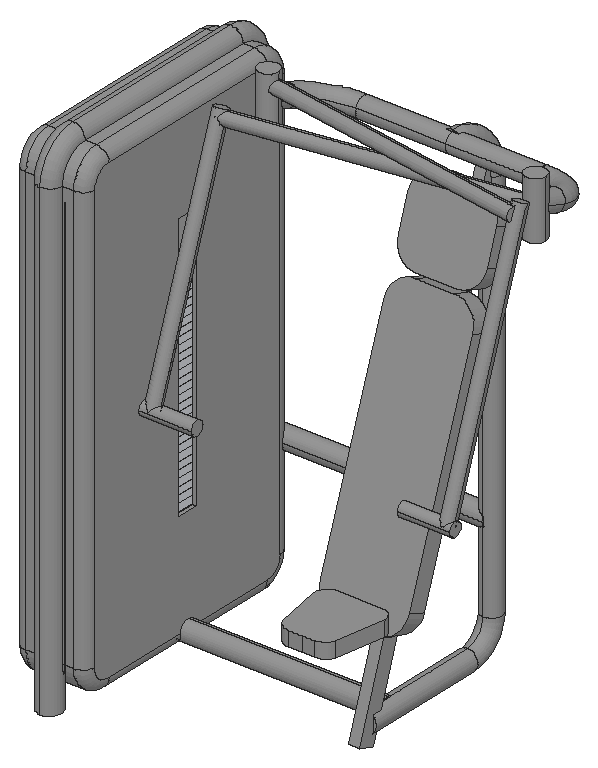
Revit family "Тренажер Жим от груди сидя", category Оборудование, Revit 2017
Family settings
  Размер круглого соединителя = Использовать диаметр
  Тип детали = Нормальный
  На основе рабочей плоскости = Нет
  Всегда вертикально = Да
  При загрузке вырезать с полостями = Нет
  Общий = Нет
  Точка расчета площади = Нет
Parameters (values of type "1390х830х1620")
  Ширина = 1390.0 mm
  Примечание = ""
  Позиция = ""
  Обозначение = ""
  Наименование = "Тренажер для жима от груди сидя"
  Масса = "90"
  Код оборудования = "MB20"
  Keynote = ""
  Изготовитель = "Severin"
  Единицы = "шт."
  Группа модели = "ТХ"
  Глубина = 830.0 mm
  Высота = 1620.0 mm
  Завод = "Technogym"
Reference planes
  plane 1 "По центру (Вперед/Назад)": y = 0
  plane 2: z = 0
  plane 3 "По центру (Влево/Вправо)": x = 0
  plane 4: x = -695
  plane 5: x = 695
  plane 6: y = 415
  plane 7: y = -415
  plane 8: z = 1620
  plane 9: z = 810
  plane 10: x = -485
  plane 11: x = 105
Forms (mm)
  Extrusion 1, solid, material "GKS_Mep_Сталь_3262-75", not visible, detail levels medium+fine
    sketch origin (0, -37.121, -3.986) x (1, 0, 0) y (0, 1, 0)
      loop
        arc (-186.879, 80) -> (-219.551, 66.467) -> (-233.085, 33.794) r 46.206
        line (-233.085, 33.794) -> (-261.846, -294.95)
        arc (-261.846, -294.95) -> (-236.616, -355.862) -> (-175.704, -381.092) r 86.142
        line (-175.704, -381.092) -> (55.911, -381.092)
        arc (55.911, -381.092) -> (116.822, -355.862) -> (142.053, -294.95) r 86.142
        line (142.053, -294.95) -> (113.291, 33.794)
        arc (113.291, 33.794) -> (99.758, 66.467) -> (67.085, 80) r 46.206
        line (67.085, 80) -> (-186.879, 80)
    from 1068.521 to 1150.406
  Sweep 2, solid, material "GKS_Mep_Сталь_3262-75", not visible, detail levels medium+fine
    path in 3D
      loop
        arc (-186.879, 42.879, 1146.419) -> (-219.551, 29.346, 1146.419) -> (-233.085, -3.327, 1146.419) r 46.206
        line (-233.085, -3.327, 1146.419) -> (-261.846, -332.071, 1146.419)
        arc (-261.846, -332.071, 1146.419) -> (-236.616, -392.983, 1146.419) -> (-175.704, -418.213, 1146.419) r 86.142
        line (-175.704, -418.213, 1146.419) -> (55.911, -418.213, 1146.419)
        arc (55.911, -418.213, 1146.419) -> (116.822, -392.983, 1146.419) -> (142.053, -332.071, 1146.419) r 86.142
        line (142.053, -332.071, 1146.419) -> (113.291, -3.327, 1146.419)
        arc (113.291, -3.327, 1146.419) -> (99.758, 29.346, 1146.419) -> (67.085, 42.879, 1146.419) r 46.206
        line (67.085, 42.879, 1146.419) -> (-186.879, 42.879, 1146.419)
    profile origin (-59.897, 42.879, 1146.419) x (0, -1, 0) y (0, 0, 1)
      loop
        line (0, 0) -> (14.142, 0) -> (14.142, 14.142)
        arc (14.142, 14.142) -> (4.142, 10) -> (0, 0) r 14.142
      loop
        arc (0, -81.885) -> (4.142, -91.885) -> (14.142, -96.027) r 14.142
        line (14.142, -96.027) -> (14.142, -81.885) -> (0, -81.885)
  Extrusion 3, solid, material "GKS_Mep_Сталь_3262-75", not visible, detail levels medium+fine
    sketch origin (0, -37.121, -3.986) x (1, 0, 0) y (0, 1, 0)
      loop
        arc (-186.879, 65.858) -> (-209.749, 56.267) -> (-218.938, 33.233) r 32.064
        line (-218.938, 33.233) -> (-247.702, -295.54)
        arc (-247.702, -295.54) -> (-226.407, -346.07) -> (-175.704, -366.95) r 72
        line (-175.704, -366.95) -> (55.911, -366.95)
        arc (55.911, -366.95) -> (106.613, -346.07) -> (127.908, -295.54) r 72
        line (127.908, -295.54) -> (99.144, 33.233)
        arc (99.144, 33.233) -> (89.955, 56.267) -> (67.085, 65.858) r 32.064
        line (67.085, 65.858) -> (-186.879, 65.858)
    from 1164.548 to 1054.379
  Extrusion 4, solid, material "GKS_Mep_Сталь_3262-75", not visible, detail levels medium+fine
    sketch origin (0, 179.497, -7.666) x (1, 0, 0) y (0, 0, 1)
      loop
        circle (-59.897, 1109.463) r 25
    from -59.254 to 161.555
  Sweep 5, solid, material "GKS_Mep_Сталь_3262-75", not visible, detail levels medium+fine
    path origin (0, -44.316, -147.613) x (1, 0, 0) y (0, 1, 0)
      loop
        line (-59.897, 251.372) -> (70.103, 251.372)
        arc (70.103, 251.372) -> (119.601, 271.874) -> (140.103, 321.372) r 70
        line (140.103, 321.372) -> (140.103, 695)
        arc (140.103, 695) -> (119.601, 744.497) -> (70.103, 765) r 70
        line (70.103, 765) -> (-189.897, 765)
        arc (-189.897, 765) -> (-239.394, 744.497) -> (-259.897, 695) r 70
        line (-259.897, 695) -> (-259.897, 321.372)
        arc (-259.897, 321.372) -> (-239.394, 271.874) -> (-189.897, 251.372) r 70
        line (-189.897, 251.372) -> (-59.897, 251.372)
    profile origin (-124.897, 207.055, -147.613) x (0, -1, 0) y (0, 0, 1)
      loop
        circle (-32.167, 1249.262) r 25
  Sweep 6, solid, material "GKS_Mep_Сталь_3262-75", detail levels coarse+fine
    path origin (-1197.5, 59.766, 0) x (0, 1, 0) y (0, 0, 1)
      loop
        line (-434.619, 0) -> (-434.619, 1387.105)
        arc (-434.619, 1387.105) -> (-409.766, 1447.105) -> (-349.766, 1471.958) r 84.853
        line (-349.766, 1471.958) -> (230.234, 1471.958)
        arc (230.234, 1471.958) -> (290.234, 1447.105) -> (315.087, 1387.105) r 84.853
        line (315.087, 1387.105) -> (315.087, 0)
    profile origin (-1197.5, -374.853, 693.553) x (0, -1, 0) y (1, 0, 0)
      loop
        circle (0, 607.5) r 35
  Sweep 7, solid, material "GKS_Mep_Сталь_3262-75", detail levels coarse+fine
    path origin (-1197.5, 59.766, 0) x (0, 1, 0) y (0, 0, 1)
      loop
        arc (-434.619, 130) -> (-409.766, 70) -> (-349.766, 45.147) r 84.853
        line (-349.766, 45.147) -> (230.234, 45.147)
        arc (230.234, 45.147) -> (290.234, 70) -> (315.087, 130) r 84.853
        line (315.087, 130) -> (315.087, 1387.105)
        arc (315.087, 1387.105) -> (290.234, 1447.105) -> (230.234, 1471.958) r 84.853
        line (230.234, 1471.958) -> (-349.766, 1471.958)
        arc (-349.766, 1471.958) -> (-409.766, 1447.105) -> (-434.619, 1387.105) r 84.853
        line (-434.619, 1387.105) -> (-434.619, 130)
    profile origin (-1197.5, -374.853, 758.553) x (0, -1, 0) y (1, 0, 0)
      loop
        line (0, 607.5) -> (0, 677.5)
        arc (0, 677.5) -> (-10.251, 702.249) -> (-35, 712.5) r 35
        line (-35, 712.5) -> (-35, 607.5) -> (-35, 502.5)
        arc (-35, 502.5) -> (-10.251, 512.751) -> (0, 537.5) r 35
        line (0, 537.5) -> (0, 607.5)
  Extrusion 8, solid, material "GKS_Mep_Сталь_3262-75", detail levels coarse+fine
    sketch origin (-1197.5, 59.766, 0) x (0, 1, 0) y (0, 0, 1)
      loop
        line (230.234, 1436.958) -> (-349.766, 1436.958)
        arc (-349.766, 1436.958) -> (-385.017, 1422.356) -> (-399.619, 1387.105) r 49.853
        line (-399.619, 1387.105) -> (-399.619, 130)
        arc (-399.619, 130) -> (-385.017, 94.749) -> (-349.766, 80.147) r 49.853
        line (-349.766, 80.147) -> (230.234, 80.147)
        arc (230.234, 80.147) -> (265.485, 94.749) -> (280.087, 130) r 49.853
        line (280.087, 130) -> (280.087, 1387.105)
        arc (280.087, 1387.105) -> (265.485, 1422.356) -> (230.234, 1436.958) r 49.853
      loop
        line (-24.766, 1176.958) -> (-94.766, 1176.958) -> (-94.766, 390.147) -> (-24.766, 390.147) -> (-24.766, 1176.958)
    from 712.5 to 502.5
  Extrusion 9, solid, detail levels fine
    sketch origin (-1196.861, 59.766, 0) x (1, 0, 0) y (0, 1, 0)
      loop
        line (697.015, 165.234) -> (516.707, 165.234) -> (516.707, -284.766) -> (697.015, -284.766) -> (697.015, 165.234)
    from 194.957 to 215
  Extrusion 10, solid, detail levels fine
    sketch origin (-1196.861, 59.766, 21.875) x (1, 0, 0) y (0, 1, 0)
      loop
        line (697.015, 165.234) -> (516.707, 165.234) -> (516.707, -284.766) -> (697.015, -284.766) -> (697.015, 165.234)
    from 194.957 to 215
  Extrusion 11, solid, detail levels fine
    sketch origin (-1196.861, 59.766, 43.75) x (1, 0, 0) y (0, 1, 0)
      loop
        line (697.015, 165.234) -> (516.707, 165.234) -> (516.707, -284.766) -> (697.015, -284.766) -> (697.015, 165.234)
    from 194.957 to 215
  Extrusion 12, solid, detail levels fine
    sketch origin (-1196.861, 59.766, 65.625) x (1, 0, 0) y (0, 1, 0)
      loop
        line (697.015, 165.234) -> (516.707, 165.234) -> (516.707, -284.766) -> (697.015, -284.766) -> (697.015, 165.234)
    from 194.957 to 215
  Extrusion 13, solid, detail levels fine
    sketch origin (-1196.861, 59.766, 87.5) x (1, 0, 0) y (0, 1, 0)
      loop
        line (697.015, 165.234) -> (516.707, 165.234) -> (516.707, -284.766) -> (697.015, -284.766) -> (697.015, 165.234)
    from 194.957 to 215
  Extrusion 14, solid, detail levels fine
    sketch origin (-1196.861, 59.766, 109.375) x (1, 0, 0) y (0, 1, 0)
      loop
        line (697.015, 165.234) -> (516.707, 165.234) -> (516.707, -284.766) -> (697.015, -284.766) -> (697.015, 165.234)
    from 194.957 to 215
  Extrusion 15, solid, detail levels fine
    sketch origin (-1196.861, 59.766, 131.25) x (1, 0, 0) y (0, 1, 0)
      loop
        line (697.015, 165.234) -> (516.707, 165.234) -> (516.707, -284.766) -> (697.015, -284.766) -> (697.015, 165.234)
    from 194.957 to 215
  Extrusion 16, solid, detail levels fine
    sketch origin (-1196.861, 59.766, 153.125) x (1, 0, 0) y (0, 1, 0)
      loop
        line (697.015, 165.234) -> (516.707, 165.234) -> (516.707, -284.766) -> (697.015, -284.766) -> (697.015, 165.234)
    from 194.957 to 215
  Extrusion 17, solid, detail levels fine
    sketch origin (-1196.861, 59.766, 175) x (1, 0, 0) y (0, 1, 0)
      loop
        line (697.015, 165.234) -> (516.707, 165.234) -> (516.707, -284.766) -> (697.015, -284.766) -> (697.015, 165.234)
    from 194.957 to 215
  Extrusion 18, solid, detail levels fine
    sketch origin (-1196.861, 59.766, 196.875) x (1, 0, 0) y (0, 1, 0)
      loop
        line (697.015, 165.234) -> (516.707, 165.234) -> (516.707, -284.766) -> (697.015, -284.766) -> (697.015, 165.234)
    from 194.957 to 215
  Extrusion 19, solid, detail levels fine
    sketch origin (-1196.861, 59.766, 218.75) x (1, 0, 0) y (0, 1, 0)
      loop
        line (697.015, 165.234) -> (516.707, 165.234) -> (516.707, -284.766) -> (697.015, -284.766) -> (697.015, 165.234)
    from 194.957 to 215
  Extrusion 20, solid, detail levels fine
    sketch origin (-1196.861, 59.766, 240.625) x (1, 0, 0) y (0, 1, 0)
      loop
        line (697.015, 165.234) -> (516.707, 165.234) -> (516.707, -284.766) -> (697.015, -284.766) -> (697.015, 165.234)
    from 194.957 to 215
  Extrusion 21, solid, detail levels fine
    sketch origin (-1196.861, 59.766, 262.5) x (1, 0, 0) y (0, 1, 0)
      loop
        line (697.015, 165.234) -> (516.707, 165.234) -> (516.707, -284.766) -> (697.015, -284.766) -> (697.015, 165.234)
    from 194.957 to 215
  Extrusion 22, solid, detail levels fine
    sketch origin (-1196.861, 59.766, 284.375) x (1, 0, 0) y (0, 1, 0)
      loop
        line (697.015, 165.234) -> (516.707, 165.234) -> (516.707, -284.766) -> (697.015, -284.766) -> (697.015, 165.234)
    from 194.957 to 215
  Extrusion 23, solid, detail levels fine
    sketch origin (-1196.861, 59.766, 306.25) x (1, 0, 0) y (0, 1, 0)
      loop
        line (697.015, 165.234) -> (516.707, 165.234) -> (516.707, -284.766) -> (697.015, -284.766) -> (697.015, 165.234)
    from 194.957 to 215
  Extrusion 24, solid, detail levels fine
    sketch origin (-1196.861, 59.766, 328.125) x (1, 0, 0) y (0, 1, 0)
      loop
        line (697.015, 165.234) -> (516.707, 165.234) -> (516.707, -284.766) -> (697.015, -284.766) -> (697.015, 165.234)
    from 194.957 to 215
  Extrusion 25, solid, detail levels fine
    sketch origin (-1196.861, 59.766, 350) x (1, 0, 0) y (0, 1, 0)
      loop
        line (697.015, 165.234) -> (516.707, 165.234) -> (516.707, -284.766) -> (697.015, -284.766) -> (697.015, 165.234)
    from 194.957 to 215
  Extrusion 26, solid, detail levels fine
    sketch origin (-1196.861, 59.766, 371.875) x (1, 0, 0) y (0, 1, 0)
      loop
        line (697.015, 165.234) -> (516.707, 165.234) -> (516.707, -284.766) -> (697.015, -284.766) -> (697.015, 165.234)
    from 194.957 to 215
  Extrusion 27, solid, detail levels fine
    sketch origin (-1196.861, 59.766, 393.75) x (1, 0, 0) y (0, 1, 0)
      loop
        line (697.015, 165.234) -> (516.707, 165.234) -> (516.707, -284.766) -> (697.015, -284.766) -> (697.015, 165.234)
    from 194.957 to 215
  Extrusion 28, solid, detail levels fine
    sketch origin (-1196.861, 59.766, 415.625) x (1, 0, 0) y (0, 1, 0)
      loop
        line (697.015, 165.234) -> (516.707, 165.234) -> (516.707, -284.766) -> (697.015, -284.766) -> (697.015, 165.234)
    from 194.957 to 215
  Extrusion 29, solid, detail levels fine
    sketch origin (-1196.861, 59.766, 437.5) x (1, 0, 0) y (0, 1, 0)
      loop
        line (697.015, 165.234) -> (516.707, 165.234) -> (516.707, -284.766) -> (697.015, -284.766) -> (697.015, 165.234)
    from 194.957 to 215
  Extrusion 30, solid, detail levels fine
    sketch origin (-1196.861, 59.766, 459.375) x (1, 0, 0) y (0, 1, 0)
      loop
        line (697.015, 165.234) -> (516.707, 165.234) -> (516.707, -284.766) -> (697.015, -284.766) -> (697.015, 165.234)
    from 194.957 to 215
  Extrusion 31, solid, detail levels fine
    sketch origin (-1196.861, 59.766, 481.25) x (1, 0, 0) y (0, 1, 0)
      loop
        line (697.015, 165.234) -> (516.707, 165.234) -> (516.707, -284.766) -> (697.015, -284.766) -> (697.015, 165.234)
    from 194.957 to 215
  Extrusion 32, solid, detail levels fine
    sketch origin (-1196.861, 59.766, 503.125) x (1, 0, 0) y (0, 1, 0)
      loop
        line (697.015, 165.234) -> (516.707, 165.234) -> (516.707, -284.766) -> (697.015, -284.766) -> (697.015, 165.234)
    from 194.957 to 215
  Extrusion 33, solid, detail levels fine
    sketch origin (-1196.861, 59.766, 525) x (1, 0, 0) y (0, 1, 0)
      loop
        line (697.015, 165.234) -> (516.707, 165.234) -> (516.707, -284.766) -> (697.015, -284.766) -> (697.015, 165.234)
    from 194.957 to 215
  Extrusion 34, solid, detail levels fine
    sketch origin (-1196.861, 59.766, 546.875) x (1, 0, 0) y (0, 1, 0)
      loop
        line (697.015, 165.234) -> (516.707, 165.234) -> (516.707, -284.766) -> (697.015, -284.766) -> (697.015, 165.234)
    from 194.957 to 215
  Extrusion 35, solid, detail levels fine
    sketch origin (-1196.861, 59.766, 568.75) x (1, 0, 0) y (0, 1, 0)
      loop
        line (697.015, 165.234) -> (516.707, 165.234) -> (516.707, -284.766) -> (697.015, -284.766) -> (697.015, 165.234)
    from 194.957 to 215
  Extrusion 36, solid, detail levels fine
    sketch origin (-1196.861, 59.766, 590.625) x (1, 0, 0) y (0, 1, 0)
      loop
        line (697.015, 165.234) -> (516.707, 165.234) -> (516.707, -284.766) -> (697.015, -284.766) -> (697.015, 165.234)
    from 194.957 to 215
  Extrusion 37, solid, detail levels fine
    sketch origin (-1196.861, 59.766, 612.5) x (1, 0, 0) y (0, 1, 0)
      loop
        line (697.015, 165.234) -> (516.707, 165.234) -> (516.707, -284.766) -> (697.015, -284.766) -> (697.015, 165.234)
    from 194.957 to 215
  Extrusion 38, solid, detail levels fine
    sketch origin (-1196.861, 59.766, 634.375) x (1, 0, 0) y (0, 1, 0)
      loop
        line (697.015, 165.234) -> (516.707, 165.234) -> (516.707, -284.766) -> (697.015, -284.766) -> (697.015, 165.234)
    from 194.957 to 215
  Extrusion 39, solid, detail levels fine
    sketch origin (-1196.861, 59.766, 656.25) x (1, 0, 0) y (0, 1, 0)
      loop
        line (697.015, 165.234) -> (516.707, 165.234) -> (516.707, -284.766) -> (697.015, -284.766) -> (697.015, 165.234)
    from 194.957 to 215
  Extrusion 40, solid, detail levels fine
    sketch origin (-1196.861, 59.766, 678.125) x (1, 0, 0) y (0, 1, 0)
      loop
        line (697.015, 165.234) -> (516.707, 165.234) -> (516.707, -284.766) -> (697.015, -284.766) -> (697.015, 165.234)
    from 194.957 to 215
  Extrusion 41, solid, detail levels fine
    sketch origin (-1196.861, 59.766, 700) x (1, 0, 0) y (0, 1, 0)
      loop
        line (697.015, 165.234) -> (516.707, 165.234) -> (516.707, -284.766) -> (697.015, -284.766) -> (697.015, 165.234)
    from 194.957 to 215
  Extrusion 42, solid, detail levels fine
    sketch origin (-1196.861, 59.766, 721.875) x (1, 0, 0) y (0, 1, 0)
      loop
        line (697.015, 165.234) -> (516.707, 165.234) -> (516.707, -284.766) -> (697.015, -284.766) -> (697.015, 165.234)
    from 194.957 to 215
  Extrusion 43, solid, detail levels fine
    sketch origin (-1196.861, 59.766, 743.75) x (1, 0, 0) y (0, 1, 0)
      loop
        line (697.015, 165.234) -> (516.707, 165.234) -> (516.707, -284.766) -> (697.015, -284.766) -> (697.015, 165.234)
    from 194.957 to 215
  Extrusion 44, solid, detail levels fine
    sketch origin (-1196.861, 59.766, 765.625) x (1, 0, 0) y (0, 1, 0)
      loop
        line (697.015, 165.234) -> (516.707, 165.234) -> (516.707, -284.766) -> (697.015, -284.766) -> (697.015, 165.234)
    from 194.957 to 215
  Extrusion 45, solid, detail levels fine
    sketch origin (-1196.861, 59.766, 787.5) x (1, 0, 0) y (0, 1, 0)
      loop
        line (697.015, 165.234) -> (516.707, 165.234) -> (516.707, -284.766) -> (697.015, -284.766) -> (697.015, 165.234)
    from 194.957 to 215
  Sweep 46, solid, material "GKS_Mep_Сталь_3262-75", detail levels fine
    path origin (0, 0, 0) x (1, 0, 0) y (0, 0, 1)
      loop
        line (-590, 80) -> (105, 80)
    profile origin (-242.5, 0, 80) x (0, 0, 1) y (0, -1, 0)
      loop
        circle (0.147, 0) r 30
  Sweep 47, solid, material "GKS_Mep_Сталь_3262-75", detail levels coarse+fine
    path origin (0, 0, 0) x (0, 1, 0) y (0, 0, 1)
      loop
        line (-80, 80.147) -> (290, 80.147)
        arc (290, 80.147) -> (352.5, 106.036) -> (378.388, 168.536) r 88.388
        line (378.388, 168.536) -> (378.388, 1328.536)
    profile origin (0, 105, 80.147) x (0, 0, 1) y (1, 0, 0)
      loop
        circle (0, 105) r 30
  Sweep 48, solid, material "GKS_Mep_Сталь_3262-75", detail levels fine
    path origin (0, 0, 0) x (0, 1, 0) y (0, 0, 1)
      loop
        arc (378.388, 1328.536) -> (336.967, 1428.536) -> (236.967, 1469.957) r 141.421
    profile origin (0, 336.967, 1428.536) x (0, -0.707107, -0.707107) y (1, 0, 0)
      loop
        circle (0, 105) r 30
  Sweep 49, solid, material "GKS_Mep_Сталь_3262-75", detail levels coarse+fine
    path origin (0, -431.084, 526.499) x (1, 0, 0) y (0, 0.951057, -0.309017)
      loop
        line (497.279, 161.109) -> (497.279, 221.109)
        arc (497.279, 221.109) -> (460, 311.109) -> (370, 348.388) r 127.279
        line (370, 348.388) -> (105, 348.388) -> (-160, 348.388)
        arc (-160, 348.388) -> (-250, 311.109) -> (-287.279, 221.109) r 127.279
        line (-287.279, 221.109) -> (-287.279, 161.109)
    profile origin (-27.5, -99.747, 418.841) x (0, -0.951057, 0.309017) y (0, 0.309017, 0.951057)
      loop
        circle (0, 1100) r 30
  Extrusion 50, solid, material "GKS_Mep_Сталь_3262-75", detail levels fine
    sketch origin (0, 0, 0) x (1, 0, 0) y (0, 1, 0)
      loop
        circle (-287.28, 50.708) r 30
      loop
        circle (497.28, 50.708) r 30
    from 1436.958 to 1605.024
  Extrusion 51, solid, material "GKS_Mep_Сталь_3262-75", detail levels fine
    sketch origin (0, 0, 0) x (0, 1, 0) y (0, 0, 1)
      loop
        line (-125.378, 36.122) -> (-77.771, 19.329) -> (377.575, 1341.751) -> (339.853, 1355.057) -> (-125.378, 36.122)
    from 88.871 to 122.047
  Extrusion 52, solid, material "GKS_Mep_Сталь_3262-75", detail levels coarse+fine
    sketch origin (0, 21.383, 0) x (1, 0, 0) y (0, 1, 0)
      loop
        arc (39.728, -126.383) -> (12.741, -137.561) -> (1.563, -164.547) r 38.165
        line (1.563, -164.547) -> (27.695, -312.752)
        arc (27.695, -312.752) -> (42.775, -332.404) -> (66.4, -339.853) r 41.188
        line (66.4, -339.853) -> (105, -339.853) -> (143.6, -339.853)
        arc (143.6, -339.853) -> (167.225, -332.404) -> (182.305, -312.752) r 41.188
        line (182.305, -312.752) -> (208.437, -164.547)
        arc (208.437, -164.547) -> (197.259, -137.561) -> (170.272, -126.383) r 38.165
        line (170.272, -126.383) -> (105.167, -126.383) -> (39.728, -126.383)
    from 368.125 to 411.875
  Extrusion 53, solid, material "GKS_Mep_Сталь_3262-75", detail levels coarse+fine
    sketch origin (0, -301.34, 49.608) x (1, 0, 0) y (0, 0.34202, 0.939693)
      loop
        arc (49.108, 1164.297) -> (-3.925, 1142.33) -> (-25.892, 1089.297) r 75
        line (-25.892, 1089.297) -> (-25.892, 414.297)
        arc (-25.892, 414.297) -> (-3.925, 361.264) -> (49.108, 339.297) r 75
        line (49.108, 339.297) -> (160.892, 339.297)
        arc (160.892, 339.297) -> (213.925, 361.264) -> (235.892, 414.297) r 75
        line (235.892, 414.297) -> (235.892, 1089.297)
        arc (235.892, 1089.297) -> (213.925, 1142.33) -> (160.892, 1164.297) r 75
        line (160.892, 1164.297) -> (49.108, 1164.297)
    from -135.806 to -80
  Extrusion 54, solid, material "GKS_Mep_Сталь_3262-75", detail levels coarse+fine
    sketch origin (0, -19.174, 824.854) x (1, 0, 0) y (0, 0.34202, 0.939693)
      loop
        arc (44.108, 594.297) -> (-5.389, 573.795) -> (-25.892, 524.297) r 70
        line (-25.892, 524.297) -> (-25.892, 421.958)
        arc (-25.892, 421.958) -> (-5.389, 372.461) -> (44.108, 351.958) r 70
        line (44.108, 351.958) -> (165.892, 351.958)
        arc (165.892, 351.958) -> (215.389, 372.461) -> (235.892, 421.958) r 70
        line (235.892, 421.958) -> (235.892, 524.297)
        arc (235.892, 524.297) -> (215.389, 573.795) -> (165.892, 594.297) r 70
        line (165.892, 594.297) -> (44.108, 594.297)
    from -135.806 to -80
  Extrusion 55, solid, material "GKS_Mep_Сталь_3262-75", detail levels coarse+fine
    sketch origin (0, 0, 0) x (0, 1, 0) y (0, 0, 1)
      loop
        circle (374.853, 420) r 30
    from -590 to 105
  Sweep 56, solid, material "GKS_Mep_Сталь_3262-75", detail levels coarse+fine
    path origin (13.944, -77.176, 0) x (0.987688, 0.156434, 0) y (0, 0, 1)
      loop
        line (497.279, 1522.875) -> (-337.721, 1522.875)
    profile origin (92.741, -64.696, 1522.875) x (0, 0, -1) y (0.156434, -0.987688, 0)
      loop
        circle (0, -50) r 20
  Extrusion 57, solid, material "GKS_Mep_Сталь_3262-75", detail levels coarse+fine
    sketch origin (0, -525.96, 65.27) x (1, 0, 0) y (0, 0.939693, -0.34202)
      loop
        circle (-327.441, -80.623) r 20
    from 810 to 1543.685
  Extrusion 58, solid, material "GKS_Mep_Сталь_3262-75", detail levels coarse+fine
    sketch origin (0, 0, 0) x (0, 1, 0) y (0, 0, 1)
      loop
        circle (-324.685, 853.996) r 20
    from -351.785 to -197.593
  Sweep 59, solid, material "GKS_Mep_Сталь_3262-75", detail levels coarse+fine
    path origin (196.056, -77.176, 45) x (-0.987688, 0.156434, 0) y (0, 0, -1)
      loop
        line (497.279, -1522.875) -> (-337.721, -1522.875)
    profile origin (117.259, -64.696, 1567.875) x (0, 0, 1) y (-0.156434, -0.987688, 0)
      loop
        circle (0, -50) r 20
  Extrusion 60, solid, material "GKS_Mep_Сталь_3262-75", detail levels coarse+fine
    sketch origin (210, -525.96, 65.27) x (-1, 0, 0) y (0, -0.939693, 0.34202)
      loop
        circle (-327.441, 80.623) r 20
    from 810 to 1595.028
  Extrusion 61, solid, material "GKS_Mep_Сталь_3262-75", detail levels coarse+fine
    sketch origin (210, 0, 0) x (0, 1, 0) y (0, 0, -1)
      loop
        circle (-324.685, -853.996) r 20
    from -351.785 to -197.593
Lines and regions (mm)
  symbolic lines, detail levels medium
    curve 1: line (695, -415, 0) -> (-695, -415, 0)
    curve 2: line (695, 415, 0) -> (695, -415, 0)
    curve 3: line (-695, 415, 0) -> (695, 415, 0)
    curve 4: line (-695, -415, 0) -> (-695, 415, 0)
    curve 5: line (-13.163, -415, 0) -> (0, 18.799, 0)
    curve 6: line (13.163, -415, 0) -> (0, 18.799, 0)
  sketch lines, not visible
    curve 7: line (67.085, 42.879, 1146.419) -> (-186.879, 42.879, 1146.419)
    curve 8: arc (-233.085, -3.327, 1146.419) -> (-219.551, 29.346, 1146.419) -> (-186.879, 42.879, 1146.419) r 46.206
    curve 9: line (-233.085, -3.327, 1146.419) -> (-261.846, -332.071, 1146.419)
    curve 10: arc (-175.704, -418.213, 1146.419) -> (-236.616, -392.983, 1146.419) -> (-261.846, -332.071, 1146.419) r 86.142
    curve 11: line (-175.704, -418.213, 1146.419) -> (55.911, -418.213, 1146.419)
    curve 12: arc (142.053, -332.071, 1146.419) -> (116.822, -392.983, 1146.419) -> (55.911, -418.213, 1146.419) r 86.142
    curve 13: line (142.053, -332.071, 1146.419) -> (113.291, -3.327, 1146.419)
    curve 14: arc (67.085, 42.879, 1146.419) -> (99.758, 29.346, 1146.419) -> (113.291, -3.327, 1146.419) r 46.206
  model lines, detail levels coarse+medium
    curve 15: line (-590, 339.853, 0) -> (-590, -339.853, 0)
Dimensions and locks
  equal spacing: plane 4, plane 3 "По центру (Влево/Вправо)", plane 5
  "Ширина": plane 4 to plane 5
  equal spacing: plane 6, plane 1 "По центру (Вперед/Назад)", plane 7
  "Глубина": plane 6 to plane 7
  equal spacing: plane 8, plane 9, level
  "Высота": plane 8 to level
  equal spacing: plane 10, plane 11, plane 5
  aligned and locked: level to plane 2
Automatic sketch dimensions
  Extrusion 1 sketch curve to Extrusion 1 sketch curve = 86.142 mm  (x2)
  Extrusion 1 sketch curve to Extrusion 1 sketch curve = 46.206 mm  (x2)
  Sweep 2 sketch curve to profile plane = 0.0 mm  (x3)
  Sweep 2 sketch curve to profile plane = 14.142 mm  (x2)
  Sweep 2 sketch curve to profile plane = 81.885 mm
  Extrusion 3 sketch curve to Extrusion 3 sketch curve = 32.064 mm
  Extrusion 3 sketch curve to Extrusion 3 sketch curve = 32.059 mm  (x2)
  Extrusion 3 sketch curve to Extrusion 3 sketch curve = 71.997 mm  (x2)
  Extrusion 3 sketch curve to Extrusion 3 sketch curve = 0.59 mm
  Extrusion 3 sketch curve to Extrusion 3 sketch curve = 72.0 mm
  Sweep 5 sketch curve to Sweep 5 sketch curve = 70.0 mm  (x4)
  profile plane to Sweep 5 sketch curve = 32.167 mm
  Sweep 5 sketch curve to Sweep 5 sketch curve = 25.0 mm
  Extrusion 1 sketch curve to Extrusion 1 sketch curve = 28.761 mm
  Extrusion 1 sketch curve to Extrusion 1 sketch curve = 231.615 mm
  Extrusion 1 sketch curve to Extrusion 1 sketch curve = 253.964 mm
  Extrusion 1 sketch curve to Extrusion 1 sketch curve = 328.744 mm
  Extrusion 3 sketch curve to Extrusion 3 sketch curve = 28.764 mm
  Extrusion 3 sketch curve to Extrusion 3 sketch curve = 231.615 mm
  Extrusion 3 sketch curve to Extrusion 3 sketch curve = 253.964 mm
  Extrusion 3 sketch curve to Extrusion 3 sketch curve = 328.773 mm
  Extrusion 3 sketch curve to Extrusion 3 sketch curve = 0.0 mm
  Sweep 5 sketch curve to Sweep 5 sketch curve = 130.0 mm
  Sweep 5 sketch curve to Sweep 5 sketch curve = 260.0 mm
  Sweep 5 sketch curve to Sweep 5 sketch curve = 373.628 mm
  profile plane to Sweep 5 sketch curve = 1249.262 mm
  curve 1 to plane 4 = 0.0 mm
  curve 5 to plane 7 = 0.0 mm
  curve 5 to plane 3 "По центру (Влево/Вправо)" = 0.0 mm
  curve 2 to plane 5 = 0.0 mm
  curve 2 to plane 6 = 0.0 mm
  curve 6 to plane 1 "По центру (Вперед/Назад)" = 18.799 mm
  plane 4 to curve 15 = 105.0 mm
  curve 5 to plane 3 "По центру (Влево/Вправо)" = 13.163 mm
  plane 3 "По центру (Влево/Вправо)" to curve 6 = 13.163 mm
  plane 7 to curve 15 = 75.147 mm
  curve 15 to plane 6 = 75.147 mm
  Sweep 6 sketch curve to level = 0.0 mm  (x2)
  plane 7 to Sweep 6 sketch curve = 40.147 mm
  Sweep 6 sketch curve to Sweep 6 sketch curve = 84.853 mm
  Sweep 6 sketch curve to plane 6 = 125.0 mm
  Sweep 6 sketch curve to plane 6 = 40.147 mm
  Sweep 6 sketch curve to plane 8 = 232.895 mm
  Sweep 6 sketch curve to profile plane = 0.0 mm
  profile plane to Sweep 6 sketch curve = 607.5 mm
  plane 7 to Sweep 7 sketch curve = 40.147 mm
  Sweep 7 sketch curve to Sweep 7 sketch curve = 84.853 mm  (x2)
  level to Sweep 7 sketch curve = 45.147 mm
  Sweep 7 sketch curve to plane 6 = 125.0 mm  (x2)
  Sweep 7 sketch curve to plane 6 = 40.147 mm
  Sweep 7 sketch curve to plane 8 = 232.895 mm
  Sweep 7 sketch curve to profile plane = 0.0 mm
  profile plane to Sweep 7 sketch curve = 35.0 mm
  profile plane to Sweep 7 sketch curve = 502.5 mm
  Sweep 7 sketch curve to Sweep 7 sketch curve = 70.0 mm  (x2)
  Sweep 7 sketch curve to Sweep 7 sketch curve = 0.0 mm
  plane 7 to Extrusion 8 sketch curve = 75.147 mm
  Extrusion 8 sketch curve to Extrusion 8 sketch curve = 49.853 mm  (x3)
  plane 1 "По центру (Вперед/Назад)" to Extrusion 8 sketch curve = 35.0 mm
  Extrusion 8 sketch curve to plane 1 "По центру (Вперед/Назад)" = 35.0 mm
  Extrusion 8 sketch curve to plane 6 = 125.0 mm  (x2)
  level to Extrusion 8 sketch curve = 80.147 mm
  Extrusion 8 sketch curve to Extrusion 8 sketch curve = 260.147 mm
  plane 9 to Extrusion 8 sketch curve = 366.958 mm
  Extrusion 8 sketch curve to plane 8 = 232.895 mm
  plane 4 to Extrusion 9 sketch curve = 14.846 mm
  plane 10 to Extrusion 9 sketch curve = 14.846 mm
  plane 7 to Extrusion 9 sketch curve = 190.0 mm
  Extrusion 9 sketch curve to plane 6 = 190.0 mm
  plane 4 to Extrusion 10 sketch curve = 14.846 mm
  plane 10 to Extrusion 10 sketch curve = 14.846 mm
  plane 7 to Extrusion 10 sketch curve = 190.0 mm
  Extrusion 10 sketch curve to plane 6 = 190.0 mm
  plane 4 to Extrusion 11 sketch curve = 14.846 mm
  plane 10 to Extrusion 11 sketch curve = 14.846 mm
  plane 7 to Extrusion 11 sketch curve = 190.0 mm
  Extrusion 11 sketch curve to plane 6 = 190.0 mm
  plane 4 to Extrusion 12 sketch curve = 14.846 mm
  plane 10 to Extrusion 12 sketch curve = 14.846 mm
  plane 7 to Extrusion 12 sketch curve = 190.0 mm
  Extrusion 12 sketch curve to plane 6 = 190.0 mm
  plane 4 to Extrusion 13 sketch curve = 14.846 mm
  plane 10 to Extrusion 13 sketch curve = 14.846 mm
  plane 7 to Extrusion 13 sketch curve = 190.0 mm
  Extrusion 13 sketch curve to plane 6 = 190.0 mm
  plane 4 to Extrusion 14 sketch curve = 14.846 mm
  plane 10 to Extrusion 14 sketch curve = 14.846 mm
  plane 7 to Extrusion 14 sketch curve = 190.0 mm
  Extrusion 14 sketch curve to plane 6 = 190.0 mm
  plane 4 to Extrusion 15 sketch curve = 14.846 mm
  plane 10 to Extrusion 15 sketch curve = 14.846 mm
  plane 7 to Extrusion 15 sketch curve = 190.0 mm
  Extrusion 15 sketch curve to plane 6 = 190.0 mm
  plane 4 to Extrusion 16 sketch curve = 14.846 mm
  plane 10 to Extrusion 16 sketch curve = 14.846 mm
  plane 7 to Extrusion 16 sketch curve = 190.0 mm
  Extrusion 16 sketch curve to plane 6 = 190.0 mm
  plane 4 to Extrusion 17 sketch curve = 14.846 mm
  plane 10 to Extrusion 17 sketch curve = 14.846 mm
  plane 7 to Extrusion 17 sketch curve = 190.0 mm
  Extrusion 17 sketch curve to plane 6 = 190.0 mm
  plane 4 to Extrusion 18 sketch curve = 14.846 mm
  plane 10 to Extrusion 18 sketch curve = 14.846 mm
  plane 7 to Extrusion 18 sketch curve = 190.0 mm
  Extrusion 18 sketch curve to plane 6 = 190.0 mm
  plane 4 to Extrusion 19 sketch curve = 14.846 mm
  plane 10 to Extrusion 19 sketch curve = 14.846 mm
  plane 7 to Extrusion 19 sketch curve = 190.0 mm
  Extrusion 19 sketch curve to plane 6 = 190.0 mm
  plane 4 to Extrusion 20 sketch curve = 14.846 mm
  plane 10 to Extrusion 20 sketch curve = 14.846 mm
  plane 7 to Extrusion 20 sketch curve = 190.0 mm
  Extrusion 20 sketch curve to plane 6 = 190.0 mm
  plane 4 to Extrusion 21 sketch curve = 14.846 mm
  plane 10 to Extrusion 21 sketch curve = 14.846 mm
  plane 7 to Extrusion 21 sketch curve = 190.0 mm
  Extrusion 21 sketch curve to plane 6 = 190.0 mm
  plane 4 to Extrusion 22 sketch curve = 14.846 mm
  plane 10 to Extrusion 22 sketch curve = 14.846 mm
  plane 7 to Extrusion 22 sketch curve = 190.0 mm
  Extrusion 22 sketch curve to plane 6 = 190.0 mm
  plane 4 to Extrusion 23 sketch curve = 14.846 mm
  plane 10 to Extrusion 23 sketch curve = 14.846 mm
  plane 7 to Extrusion 23 sketch curve = 190.0 mm
  Extrusion 23 sketch curve to plane 6 = 190.0 mm
  plane 4 to Extrusion 24 sketch curve = 14.846 mm
  plane 10 to Extrusion 24 sketch curve = 14.846 mm
  plane 7 to Extrusion 24 sketch curve = 190.0 mm
  Extrusion 24 sketch curve to plane 6 = 190.0 mm
  plane 4 to Extrusion 25 sketch curve = 14.846 mm
  plane 10 to Extrusion 25 sketch curve = 14.846 mm
  plane 7 to Extrusion 25 sketch curve = 190.0 mm
  Extrusion 25 sketch curve to plane 6 = 190.0 mm
  plane 4 to Extrusion 26 sketch curve = 14.846 mm
  plane 10 to Extrusion 26 sketch curve = 14.846 mm
  plane 7 to Extrusion 26 sketch curve = 190.0 mm
  Extrusion 26 sketch curve to plane 6 = 190.0 mm
  plane 4 to Extrusion 27 sketch curve = 14.846 mm
  plane 10 to Extrusion 27 sketch curve = 14.846 mm
  plane 7 to Extrusion 27 sketch curve = 190.0 mm
  Extrusion 27 sketch curve to plane 6 = 190.0 mm
  plane 4 to Extrusion 28 sketch curve = 14.846 mm
  plane 10 to Extrusion 28 sketch curve = 14.846 mm
  plane 7 to Extrusion 28 sketch curve = 190.0 mm
  Extrusion 28 sketch curve to plane 6 = 190.0 mm
  plane 4 to Extrusion 29 sketch curve = 14.846 mm
  plane 10 to Extrusion 29 sketch curve = 14.846 mm
  plane 7 to Extrusion 29 sketch curve = 190.0 mm
  Extrusion 29 sketch curve to plane 6 = 190.0 mm
  plane 4 to Extrusion 30 sketch curve = 14.846 mm
  plane 10 to Extrusion 30 sketch curve = 14.846 mm
  plane 7 to Extrusion 30 sketch curve = 190.0 mm
  Extrusion 30 sketch curve to plane 6 = 190.0 mm
  plane 4 to Extrusion 31 sketch curve = 14.846 mm
  plane 10 to Extrusion 31 sketch curve = 14.846 mm
  plane 7 to Extrusion 31 sketch curve = 190.0 mm
  Extrusion 31 sketch curve to plane 6 = 190.0 mm
  plane 4 to Extrusion 32 sketch curve = 14.846 mm
  plane 10 to Extrusion 32 sketch curve = 14.846 mm
  plane 7 to Extrusion 32 sketch curve = 190.0 mm
  Extrusion 32 sketch curve to plane 6 = 190.0 mm
  plane 4 to Extrusion 33 sketch curve = 14.846 mm
  plane 10 to Extrusion 33 sketch curve = 14.846 mm
  plane 7 to Extrusion 33 sketch curve = 190.0 mm
  Extrusion 33 sketch curve to plane 6 = 190.0 mm
  plane 4 to Extrusion 34 sketch curve = 14.846 mm
  plane 10 to Extrusion 34 sketch curve = 14.846 mm
  plane 7 to Extrusion 34 sketch curve = 190.0 mm
  Extrusion 34 sketch curve to plane 6 = 190.0 mm
  plane 4 to Extrusion 35 sketch curve = 14.846 mm
  plane 10 to Extrusion 35 sketch curve = 14.846 mm
  plane 7 to Extrusion 35 sketch curve = 190.0 mm
  Extrusion 35 sketch curve to plane 6 = 190.0 mm
  plane 4 to Extrusion 36 sketch curve = 14.846 mm
  plane 10 to Extrusion 36 sketch curve = 14.846 mm
  plane 7 to Extrusion 36 sketch curve = 190.0 mm
  Extrusion 36 sketch curve to plane 6 = 190.0 mm
  plane 4 to Extrusion 37 sketch curve = 14.846 mm
  plane 10 to Extrusion 37 sketch curve = 14.846 mm
  plane 7 to Extrusion 37 sketch curve = 190.0 mm
  Extrusion 37 sketch curve to plane 6 = 190.0 mm
  plane 4 to Extrusion 38 sketch curve = 14.846 mm
  plane 10 to Extrusion 38 sketch curve = 14.846 mm
  plane 7 to Extrusion 38 sketch curve = 190.0 mm
  Extrusion 38 sketch curve to plane 6 = 190.0 mm
  plane 4 to Extrusion 39 sketch curve = 14.846 mm
  plane 10 to Extrusion 39 sketch curve = 14.846 mm
  plane 7 to Extrusion 39 sketch curve = 190.0 mm
  Extrusion 39 sketch curve to plane 6 = 190.0 mm
  plane 4 to Extrusion 40 sketch curve = 14.846 mm
  plane 10 to Extrusion 40 sketch curve = 14.846 mm
  plane 7 to Extrusion 40 sketch curve = 190.0 mm
  Extrusion 40 sketch curve to plane 6 = 190.0 mm
  plane 4 to Extrusion 41 sketch curve = 14.846 mm
  plane 10 to Extrusion 41 sketch curve = 14.846 mm
  plane 7 to Extrusion 41 sketch curve = 190.0 mm
  Extrusion 41 sketch curve to plane 6 = 190.0 mm
  plane 4 to Extrusion 42 sketch curve = 14.846 mm
  plane 10 to Extrusion 42 sketch curve = 14.846 mm
  plane 7 to Extrusion 42 sketch curve = 190.0 mm
  Extrusion 42 sketch curve to plane 6 = 190.0 mm
  plane 4 to Extrusion 43 sketch curve = 14.846 mm
  plane 10 to Extrusion 43 sketch curve = 14.846 mm
  plane 7 to Extrusion 43 sketch curve = 190.0 mm
  Extrusion 43 sketch curve to plane 6 = 190.0 mm
  plane 4 to Extrusion 44 sketch curve = 14.846 mm
  plane 10 to Extrusion 44 sketch curve = 14.846 mm
  plane 7 to Extrusion 44 sketch curve = 190.0 mm
  Extrusion 44 sketch curve to plane 6 = 190.0 mm
  plane 4 to Extrusion 45 sketch curve = 14.846 mm
  plane 10 to Extrusion 45 sketch curve = 14.846 mm
  plane 7 to Extrusion 45 sketch curve = 190.0 mm
  Extrusion 45 sketch curve to plane 6 = 190.0 mm
  Sweep 46 sketch curve to plane 11 = 0.0 mm
  level to Sweep 46 sketch curve = 80.0 mm
  plane 4 to Sweep 46 sketch curve = 105.0 mm
  Sweep 46 sketch curve to plane 1 "По центру (Вперед/Назад)" = 0.0 mm
  Sweep 46 sketch curve to profile plane = 0.147 mm
  Sweep 47 sketch curve to plane 6 = 125.0 mm
  Sweep 47 sketch curve to plane 6 = 36.612 mm
  level to Sweep 47 sketch curve = 80.147 mm
  plane 1 "По центру (Вперед/Назад)" to Sweep 47 sketch curve = 80.0 mm
  Sweep 47 sketch curve to plane 8 = 291.464 mm
  Sweep 47 sketch curve to profile plane = 0.0 mm
  plane 3 "По центру (Влево/Вправо)" to Sweep 47 sketch curve = 105.0 mm
  Sweep 48 sketch curve to plane 6 = 178.033 mm
  Sweep 48 sketch curve to plane 8 = 291.464 mm
  Sweep 48 sketch curve to plane 6 = 36.612 mm
  Sweep 48 sketch curve to profile plane = 0.0 mm
  plane 3 "По центру (Влево/Вправо)" to Sweep 48 sketch curve = 105.0 mm
  Sweep 49 sketch curve to plane 11 = 0.0 mm
  Sweep 49 sketch curve to plane 3 "По центру (Влево/Вправо)" = 160.0 mm
  Sweep 49 sketch curve to Sweep 49 sketch curve = 127.279 mm  (x2)
  plane 11 to Sweep 49 sketch curve = 265.0 mm
  Sweep 49 sketch curve to Sweep 49 sketch curve = 60.0 mm  (x2)
  profile plane to Sweep 49 sketch curve = 0.0 mm
  profile plane to Sweep 49 sketch curve = 1100.0 mm
  Extrusion 50 sketch curve to plane 1 "По центру (Вперед/Назад)" = 50.708 mm  (x2)
  Extrusion 50 sketch curve to plane 10 = 197.72 mm
  Extrusion 50 sketch curve to plane 5 = 197.72 mm
  level to Extrusion 51 sketch curve = 36.122 mm
  plane 1 "По центру (Вперед/Назад)" to Extrusion 51 sketch curve = 125.378 mm
  level to Extrusion 51 sketch curve = 19.329 mm
  Extrusion 51 sketch curve to Extrusion 51 sketch curve = 47.607 mm
  Extrusion 51 sketch curve to plane 6 = 75.147 mm
  Extrusion 51 sketch curve to plane 6 = 37.425 mm
  Extrusion 52 sketch curve to plane 11 = 0.0 mm
  Extrusion 52 sketch curve to plane 11 = 38.6 mm
  plane 3 "По центру (Влево/Вправо)" to Extrusion 52 sketch curve = 39.728 mm
  plane 3 "По центру (Влево/Вправо)" to Extrusion 52 sketch curve = 27.695 mm
  plane 3 "По центру (Влево/Вправо)" to Extrusion 52 sketch curve = 1.563 mm
  plane 11 to Extrusion 52 sketch curve = 0.167 mm
  Extrusion 52 sketch curve to Extrusion 52 sketch curve = 38.6 mm
  Extrusion 52 sketch curve to Extrusion 52 sketch curve = 65.106 mm
  Extrusion 52 sketch curve to Extrusion 52 sketch curve = 38.704 mm
  Extrusion 52 sketch curve to Extrusion 52 sketch curve = 38.165 mm
  plane 7 to Extrusion 52 sketch curve = 96.53 mm
  Extrusion 52 sketch curve to Extrusion 52 sketch curve = 27.101 mm  (x2)
  plane 1 "По центру (Вперед/Назад)" to Extrusion 52 sketch curve = 143.165 mm
  Extrusion 53 sketch curve to plane 3 "По центру (Влево/Вправо)" = 25.892 mm
  plane 3 "По центру (Влево/Вправо)" to Extrusion 53 sketch curve = 49.108 mm  (x2)
  plane 11 to Extrusion 53 sketch curve = 55.892 mm  (x2)
  Extrusion 53 sketch curve to Extrusion 53 sketch curve = 75.0 mm
  Extrusion 53 sketch curve to Extrusion 53 sketch curve = 675.0 mm
  Extrusion 54 sketch curve to plane 3 "По центру (Влево/Вправо)" = 25.892 mm
  plane 3 "По центру (Влево/Вправо)" to Extrusion 54 sketch curve = 44.108 mm  (x2)
  plane 11 to Extrusion 54 sketch curve = 60.892 mm  (x2)
  Extrusion 54 sketch curve to Extrusion 54 sketch curve = 70.0 mm
  Extrusion 54 sketch curve to Extrusion 54 sketch curve = 102.339 mm
  Extrusion 55 sketch curve to plane 6 = 40.147 mm
  Extrusion 55 sketch curve to plane 9 = 390.0 mm
  Sweep 56 sketch curve to plane 8 = 97.125 mm
  Sweep 56 sketch curve to Sweep 56 sketch curve = 835.0 mm
  Sweep 56 sketch curve to profile plane = 0.0 mm
  Sweep 56 sketch curve to profile plane = 50.0 mm
  Extrusion 57 sketch curve to plane 10 = 157.559 mm
  plane 9 to Extrusion 58 sketch curve = 43.996 mm
  plane 7 to Extrusion 58 sketch curve = 90.315 mm
  Sweep 59 sketch curve to plane 8 = 52.125 mm
  Sweep 59 sketch curve to Sweep 59 sketch curve = 835.0 mm
  profile plane to Sweep 59 sketch curve = 0.0 mm
  Sweep 59 sketch curve to profile plane = 50.0 mm
  Extrusion 60 sketch curve to plane 5 = 157.559 mm
  plane 9 to Extrusion 61 sketch curve = 43.996 mm
  plane 7 to Extrusion 61 sketch curve = 90.315 mm
  radius of Extrusion 4 sketch curve = 25.0 mm
  radius of Sweep 6 sketch curve = 35.0 mm
  radius of Sweep 46 sketch curve = 30.0 mm
  radius of Sweep 47 sketch curve = 30.0 mm
  radius of Sweep 48 sketch curve = 30.0 mm
  radius of Sweep 49 sketch curve = 30.0 mm
  radius of Extrusion 50 sketch curve = 30.0 mm  (x2)
  radius of Extrusion 55 sketch curve = 30.0 mm
  radius of Sweep 56 sketch curve = 20.0 mm
  radius of Extrusion 57 sketch curve = 20.0 mm
  radius of Extrusion 58 sketch curve = 20.0 mm
  radius of Sweep 59 sketch curve = 20.0 mm
  radius of Extrusion 60 sketch curve = 20.0 mm
  radius of Extrusion 61 sketch curve = 20.0 mm
